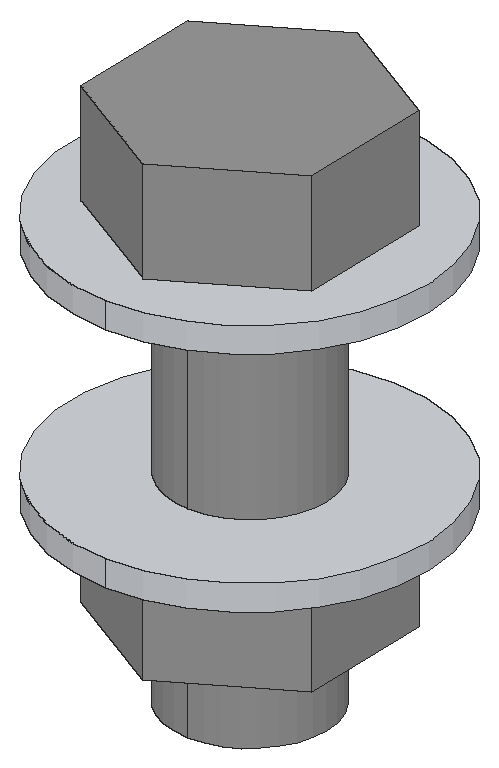
Revit family "050523 - W_P_C - Fastenings - Lag Bolt or Thru Bolt", category Structural Connections, Revit 2020
Family settings
  Material for Model Behavior = Other
  Work Plane-Based = Yes
  Enable cutting in views = Yes
  Always vertical = No
  Cut with Voids When Loaded = No
  Shared = No
Parameters (values of type "one")
  Washer Radius = Radius + Head Height  # 0' - 0 7/8"
  Washer Offset - Head = if(Washer_Head_Visibility, 0' 0 1/8", 0' 0")  # 0' - 0 1/8"
  Washer Offset = if(Washer_Nut_Visibility, 0' 0 1/8", 0' 0")  # 0' - 0 1/8"
  Washer Material = none
  Washer_Nut_Visibility = yes
  Washer_Head_Visibility = yes
  Thickness_of_Substrate [instance] = 0' - 1"
  Side = Head Size * 0.57812  # 0' - 0.65039"
  Radius = Diameter / 2  # 0' - 0 3/8"
  Nut_Visibility = yes
  Length [instance] = 0' - 2"
  Head Size = 0' - 1 1/8"
  Head Radius = Head Size / 2  # 0' - 0 9/16"
  Head Height = 0' - 0 1/2"
  Diameter = 0' - 0 3/4"
  Default Elevation = 4' - 0"
  Bolt Material (Size) = 3/4" DIAMETER x 8" EMBEDMENT EPOXY ANCHORS
Reference planes (in)
  plane 1 "Center (Front/Back)": y = 0
  plane 2: z = 0
  plane 3 "Center (Left/Right)": x = 0
  plane 4: z = 0.625
  plane 5: z = -2
  plane 6: y = 0
  plane 7: x = 0
  plane 8: z = -1
  plane 9: z = 0.125
  plane 10: z = -1.125
  plane 11: z = 0
  plane 12: through (0, 0, 48) normal (0.866, 0.5, 0)
  plane 13: through (0, 0, 48) normal (0.866, -0.5, 0)
  plane 14: through (0, 0, 48) normal (0.5, -0.866, 0)
  plane 15: through (0, 0, 48) normal (-0.5, -0.866, 0)
Forms (in)
  Extrusion 1, solid, material "3/4" DIAMETER x 8" EMBEDMENT EPOXY ANCHORS" <- "Bolt Material (Size)"
    sketch origin (0, 8.71147, 0.125) x (0, 1, 0) y (-1, 0, 0)
      loop
        circle (-8.71147, 0) r 0.375
    from -2.125 to 0
Lines and regions (in)
  model lines, style "InvisibleLines"
    curve 1: line (0, -0.64952, 0.625) -> (0, 0.64952, 0.625)
    curve 2: line (0.5625, 0, 0.625) -> (-0.5625, 0, 0.625)
  symbolic lines, style "InvisibleLines"
    curve 3: line (0, 0, 0.625) -> (0, 0, -2)
    curve 4: line (0, 0, 0.625) -> (0, 0, -2)
Dimensions and locks (in)
  "Head Height": plane 4 to plane 9
  "Length": plane 11 to plane 5
  "Thickness_of_Substrate": plane 2 to plane 8
  "Washer Offset": plane 8 to plane 10
  "Washer Offset - Head": plane 9 to plane 2
  "Radius": radius of Extrusion 1 sketch curve
  aligned and locked: level to plane 2
  aligned and locked: Extrusion 1 to plane 5
  aligned and locked: plane 7 to curve 1
  aligned and locked: plane 6 to curve 2
  aligned and locked: plane 6 to curve 4
  aligned and locked: level to plane 11
Automatic sketch dimensions
  curve 3 to plane 3 "Center (Left/Right)" = 0' - 0"
  curve 3 to plane 5 = 0' - 0"
  curve 3 to plane 4 = 0' - 0"
  curve 4 to plane 5 = 0' - 0"
  curve 4 to plane 4 = 0' - 0"
  curve 1 to curve 2 = 0' - 0.64952"
  curve 2 to curve 1 = 0' - 0.64952"
  curve 2 to nested 1 = 0' - 0"  (x2)
  plane 1 "Center (Front/Back)" to Extrusion 1 sketch curve = 0' - 0"
  Extrusion 1 sketch curve to plane 3 "Center (Left/Right)" = 0' - 0"
Nested families (in)
  nested 1: "Nut" at (0, 0, 0.125), Diameter <- "Diameter", Head Height <- "Head Height", Head Size <- "Head Size", type "one"
    with Side 0' - 0.65039", Radius 0' - 0 3/8", Head Size 0' - 1 1/8", Head Radius 0' - 0 9/16", Head Height 0' - 0 1/2", Diameter 0' - 0 3/4"
  nested 2: "Nut" at (0, 0, -1.125) x (1, 0, 0) z (0, 0, -1), Diameter <- "Diameter", Head Height <- "Head Height", Head Size <- "Head Size", visible <- "Nut_Visibility", type "one"
    with Side 0' - 0.65039", Radius 0' - 0 3/8", Head Size 0' - 1 1/8", Head Radius 0' - 0 9/16", Head Height 0' - 0 1/2", Diameter 0' - 0 3/4"
  nested 3: "Washer" at (0, 0, -1) x (0, -1, 0) z (0, 0, -1), visible <- "Washer_Nut_Visibility", type "one"
    with Washer Radius 0' - 0 7/8"
  nested 4: "Washer" at (0, 0, 0) x (0, -1, 0) z (0, 0, 1), visible <- "Washer_Head_Visibility", type "one"
    with Washer Radius 0' - 0 7/8"
Definition of nested family "Nut"
  Parameters (values of type "one")
    Side [instance] = Head Size * 0.57812  # 0' - 0 111/256"
    Radius [instance] = Diameter / 2  # 0' - 0 1/4"
    Head Size [instance] = 0' - 0 3/4"
    Head Radius [instance] = Head Size / 2  # 0' - 0 3/8"
    Head Height [instance] = 0' - 0 11/32"
    Diameter [instance] = 0' - 0 1/2"
    Default Elevation = 4' - 0"
    Bolt Material (Size) = none
  Reference planes (in)
    plane 1 "Center (Front/Back)": y = 0
    plane 2: z = 0
    plane 3 "Center (Left/Right)": x = 0
    plane 4: z = 0.34375
    plane 5: y = 0
    plane 6: x = 0
  Forms (in)
    Extrusion 1, solid, material <- "Bolt Material (Size)"
      sketch origin (0, 0, 0) x (1, 0, 0) y (0, 1, 0)
        loop
          line (0, 0.43301) -> (-0.375, 0.21651) -> (-0.375, -0.21651) -> (0, -0.43301) -> (0.375, -0.21651) -> (0.375, 0.21651) -> (0, 0.43301)
      from 0 to 0.34375
  Lines and regions (in)
    symbolic lines
      curve 1: line (0, 0, 0.34375) -> (0, 0, -3)
  Dimensions and locks (in)
    "Head Height": plane 4 to level
    "Head Radius": Extrusion 1 sketch curve to plane 3 "Center (Left/Right)"
    "Head Radius": Extrusion 1 sketch curve to plane 6
    "Head Radius": Extrusion 1 sketch curve to plane 5  (x2)
    locked: Extrusion 1 sketch curve to Extrusion 1 sketch curve (angle 120.00°)  (x5)
    aligned and locked: level to plane 2
    aligned and locked: Extrusion 1 to plane 4
    aligned and locked: plane 5 to curve 1
  Automatic sketch dimensions
    curve 1 to plane 4 = 0' - 0"
    curve 1 to level = 0' - 3"
    Extrusion 1 sketch curve to plane 3 "Center (Left/Right)" = 0' - 0"  (x2)
Definition of nested family "Washer"
  Parameters (values of type "one")
    Washer Radius = 0' - 0 3/4"
    Default Elevation = 4' - 0"
    Washer Material = none
  Reference planes (in)
    plane 1 "Center (Front/Back)": y = 0
    plane 2: z = 0
    plane 3 "Center (Left/Right)": x = 0
    plane 4: z = 0.125
    plane 5: y = 0
    plane 6: x = 0
  Forms (in)
    Extrusion 1, solid, material <- "Washer Material"
      sketch origin (0, 0, 0) x (1, 0, 0) y (0, 1, 0)
        loop
          circle (0, 0) r 0.75
      from 0 to 0.125
  Lines and regions (in)
    symbolic lines
      curve 1: line (0, 0, 0.125) -> (0, 0, -3)
  Dimensions and locks (in)
    "Washer Radius": radius of Extrusion 1 sketch curve
    aligned and locked: level to plane 2
    aligned and locked: Extrusion 1 to plane 4
    aligned and locked: plane 5 to curve 1
  Automatic sketch dimensions
    curve 1 to plane 4 = 0' - 0"
    curve 1 to level = 0' - 3"
    plane 1 "Center (Front/Back)" to Extrusion 1 sketch curve = 0' - 0"
    Extrusion 1 sketch curve to plane 3 "Center (Left/Right)" = 0' - 0"
Types in the file's own list only (15): name | Washer Radius | Side | Radius | Head Size | Head Radius | Head Height | Diameter
  1/2 | 0' - 0 5/8" | 0' - 0 7/16" | 0' - 0 1/4" | 0' - 0 3/4" | 0' - 0 3/8" | 0' - 0 3/8" | 0' - 0 1/2"
  5/8 | 0' - 0 3/4" | 0' - 0 17/32" | 0' - 0 5/16" | 0' - 0 15/16" | 0' - 0 15/32" | 0' - 0 7/16" | 0' - 0 21/32"
  3/4 | 0' - 0 29/32" | 0' - 0 21/32" | 0' - 0 3/8" | 0' - 1 1/8" | 0' - 0 9/16" | 0' - 0 17/32" | 0' - 0 25/32"
  7/8 | 0' - 1 1/16" | 0' - 0 3/4" | 0' - 0 7/16" | 0' - 1 5/16" | 0' - 0 21/32" | 0' - 0 19/32" | 0' - 0 29/32"
  1 | 0' - 1 7/32" | 0' - 0 7/8" | 0' - 0 1/2" | 0' - 1 1/2" | 0' - 0 3/4" | 0' - 0 11/16" | 0' - 1 1/32"
  1 1/8 | 0' - 1 11/32" | 0' - 0 31/32" | 0' - 0 9/16" | 0' - 1 11/16" | 0' - 0 27/32" | 0' - 0 25/32" | 0' - 1 5/32"
  1 1/4 | 0' - 1 1/2" | 0' - 1 3/32" | 0' - 0 5/8" | 0' - 1 7/8" | 0' - 0 15/16" | 0' - 0 7/8" | 0' - 1 9/32"
  1 3/8 | 0' - 1 21/32" | 0' - 1 3/16" | 0' - 0 11/16" | 0' - 2 1/16" | 0' - 1 1/32" | 0' - 0 15/16" | 0' - 1 13/32"
  1 1/2 | 0' - 1 13/16" | 0' - 1 5/16" | 0' - 0 3/4" | 0' - 2 1/4" | 0' - 1 1/8" | 0' - 1 1/32" | 0' - 1 17/32"
  1 5/8 | 0' - 1 15/16" | 0' - 1 13/32" | 0' - 0 27/32" | 0' - 2 7/16" | 0' - 1 7/32" | 0' - 1 1/8" | 0' - 1 21/32"
  1 3/4 | 0' - 2 3/32" | 0' - 1 17/32" | 0' - 0 29/32" | 0' - 2 5/8" | 0' - 1 5/16" | 0' - 1 3/16" | 0' - 1 25/32"
  1 7/8 | 0' - 2 7/32" | 0' - 1 5/8" | 0' - 0 31/32" | 0' - 2 13/16" | 0' - 1 13/32" | 0' - 1 9/32" | 0' - 1 29/32"
  2 | 0' - 2 13/32" | 0' - 1 3/4" | 0' - 1 1/32" | 0' - 3" | 0' - 1 1/2" | 0' - 1 3/8" | 0' - 2 1/32"
  2 1/4 | 0' - 2 11/16" | 0' - 1 15/16" | 0' - 1 5/32" | 0' - 3 3/8" | 0' - 1 11/16" | 0' - 1 9/16" | 0' - 2 5/16"
  2 1/2 | 0' - 3" | 0' - 2 5/32" | 0' - 1 9/32" | 0' - 3 3/4" | 0' - 1 7/8" | 0' - 1 23/32" | 0' - 2 9/16"
